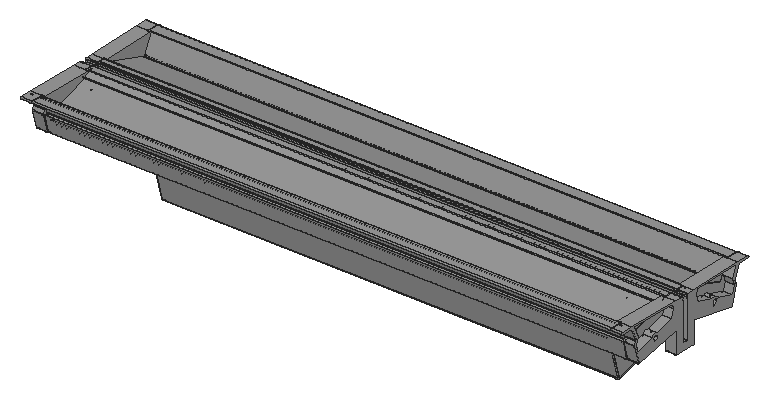
Revit family "ARON_RECESSED_LUMINAIRE", category Lighting Fixtures, host Face, Revit 2016
Family settings
  Host = Face
  Part Type = Normal
  Round Connector Dimension = Use Diameter
  OmniClass Number = 23.80.70.11.17
  OmniClass Title = Specialized Lighting by Location or Use
  Cut with Voids When Loaded = No
  Light Source = Yes
  Shared = No
  Room Calculation Point = No
Parameters (values of type "TBAR-2FT-3000K-UNV-2000-B2-80-DM")
  Wattage Comments = ""
  Wattage = 13.4642 W
  built-in parameter 1150110 = 1 (stored number, unit not read)
  Voltage = 120 V
  Void Width = 0' - 6"
  Void Length = Luminaire Length + 0' 0 15/16"  # 2' - 0 15/16"
  URL = "http://www.aronlighting.com"
  Total Lumens = Lumens Per Lamp * Lamp Quantity  # 2000 lm
  built-in parameter 1114217 = 1 (stored number, unit not read)
  Tilt Angle = -90.00°
  built-in parameter 1150109 = 1 (stored number, unit not read)
  built-in parameter 1150134 = (empty or 0)
  built-in parameter 1150113 = 1 (stored number, unit not read)
  Illuminated Surface Material = Frosted Acrylic Lens
  Series = "TBAR"
  Product Page URL = ""
  Photometric Web File = "TBAR-2FT-3000K-UNV-2000-B2-80-DM.ies"
  Mounting = "Recessed"
  Model = "TBAR-2FT-300K-UNV-2000-B2-80-DM"
  Manufacturer Complete Model Number [instance] = ""
  Manufacturer = "ARON"  # constant formula
  built-in parameter 1150105 = 159.15 (stored number, unit not read)
  Lumens = 2000 lm
  Luminaire Length = 2' - 0"
  built-in parameter 1150115 = 1 (stored number, unit not read)
  Lumens Per Lamp = 1000 lm
  Load Classification = Lighting
  built-in parameter 1150137 = (empty or 0)
  built-in parameter 1150139 = (empty or 0)
  built-in parameter 1150112 = 1 (stored number, unit not read)
  Lamp Quantity = 2
  built-in parameter 1150114 = 1 (stored number, unit not read)
  Lamp = ""
  built-in parameter 1150132 = 2
  built-in parameter 1150102 = (empty or 0)
  built-in parameter 1150107 = 3000 (stored number, unit not read)
  built-in parameter 1150138 = (empty or 0)
  built-in parameter 1150106 = 1.5915 (stored number, unit not read)
  Housing Material = White Painted Aluminum
  End Cap Material = White Plastic
  Emit from Rectangle Width = Void Width  # 0' - 6"
  Emit from Rectangle Length = Void Length  # 2' - 0 15/16"
  Emit Shape Visible in Rendering = yes
  Electrical Casing Material = Stainless Steel
  built-in parameter 1150104 = 13.8 (stored number, unit not read)
  Dimming Lamp Color Temperature Shift = <None>
  Description = "T-Bar DUO Luminaire"
  Default Elevation = 0' - 0"
  Color Filter = 16777215
  built-in parameter 1140040 [instance] = 1
  built-in parameter 1114218 = 1 (stored number, unit not read)
  built-in parameter 1150133 = 10 (stored number, unit not read)
  Assembly Code = ""
  Apparent Load = 32 VA
  120 Volts = yes
Reference planes (in)
  plane 1 "Center (Front/Back)": y = 0
  plane 2: z = 0
  plane 3 "Center (Left/Right)": x = 0
  plane 4: x = 12
  plane 5: x = -12
  plane 6: z = 0.125
  plane 7: x = -12.46875
  plane 8: x = 12.46875
  plane 9: z = -6.375
  plane 10: y = -3
  plane 11: y = 3
  plane 12: z = -0.125
Forms (in)
  Extrusion 1, void
    sketch origin (0, 0, 0) x (0, 1, 0) y (1, 0, 0)
      loop
        line (-3, 12.46875) -> (-3, -12.46875) -> (3, -12.46875) -> (3, 12.46875) -> (-3, 12.46875)
    from 0 to 6.375
Dimensions and locks (in)
  equal spacing: plane 5, plane 3 "Center (Left/Right)", plane 4
  "Luminaire Length": plane 5 to plane 4
  locked: plane 6 to plane 2 at 0.125
  equal spacing: plane 7, plane 3 "Center (Left/Right)", plane 8
  "Void Length": plane 7 to plane 8
  locked: plane 6 to plane 9 at 6.5
  equal spacing: plane 10, plane 1 "Center (Front/Back)", plane 11
  "Void Width": plane 10 to plane 11
  locked: plane 2 to plane 12 at 0.125
  aligned and locked: plane 2 to host face
  aligned and locked: level to host face
  aligned and locked: Extrusion 1 sketch curve to plane 11
  aligned and locked: Extrusion 1 sketch curve to plane 7
  aligned and locked: Extrusion 1 sketch curve to plane 10
  aligned and locked: Extrusion 1 sketch curve to plane 8
  aligned and locked: plane 2 to Extrusion 1
  aligned and locked: Extrusion 1 to plane 9
  aligned and locked: plane 6 to imposter light
  aligned and locked: imposter light to plane 1 "Center (Front/Back)"
  aligned and locked: nested 1 to level
  aligned and locked: plane 1 "Center (Front/Back)" to nested 1
  aligned and locked: plane 3 "Center (Left/Right)" to nested 1
  aligned and locked: plane 1 "Center (Front/Back)" to nested 2
  aligned and locked: nested 2 to host face
  aligned and locked: nested 3 to plane 1 "Center (Front/Back)"
  aligned and locked: level to nested 3
  aligned and locked: nested 3 to nested 1
  aligned and locked: nested 2 to nested 1
  aligned and locked: nested 4 to nested 1
Automatic sketch dimensions
  host sketch curve to host sketch curve = 8' - 0"  (x2)
Nested families (in)
  nested 1: "Housing" at (0, 0, 0), type "Housing"
  nested 2: "Cap" at (12.46457, 0, 0.07), type "Cap"
  nested 3: "Cap" at (-12.46457, 0, 0.07) x (-1, 0, 0) z (0, 0, 1), type "Cap"
  nested 4: "Electric" at (1.82724, -1.41363, -1.17268) x (0, -0.9622, -0.2723) z (0, 0.2723, -0.9622), type "Electric"
Connectors (in)
  electrical at (-5.63936, -1.07434, -2.37171)
    settings: on nested 4, index 1, voltage 120 V, apparent load 0 VA, apparent load phase1 0 VA, apparent load phase2 0 VA, apparent load phase3 0 VA, power factor 1, load classification "Other", number of poles 1, system type 31, power factor state 1, is connector primary yes, connector utility no, sub classification motor no, connector description ""
Definition of nested family "Housing"
  Parameters (values of type "Housing")
    Illuminated Surface Material = none
    Housing Original Material = none
    Housing Length = 2' - 0"
  Reference planes (in)
    plane 1 "Center (Front/Back)": y = 0
    plane 2: z = 0
    plane 3 "Center (Left/Right)": x = 0
    plane 4: x = 12
    plane 5: x = -12
  Forms (in)
    Extrusion 1, solid, material <- "Housing Original Material"
      sketch origin (0, 0, 0.07) x (0, 1, 0) y (0, 0, 1)
        loop
          arc (0.22342, -1.86831) -> (0.23815, -1.8622) -> (0.24425, -1.84747) r 0.02083
          line (0.24425, -1.84747) -> (0.24425, -0.90835)
          arc (0.24425, -0.90835) -> (0.25252, -0.89173) -> (0.27076, -0.8883) r 0.02083
          line (0.27076, -0.8883) -> (0.51226, -0.95664)
          arc (0.51226, -0.95664) -> (0.5281, -0.95478) -> (0.53798, -0.94227) r 0.02083
          line (0.53798, -0.94227) -> (0.62307, -0.64157)
          arc (0.62307, -0.64157) -> (0.63295, -0.62906) -> (0.64879, -0.6272) r 0.02083
          line (0.64879, -0.6272) -> (0.9871, -0.72293)
          arc (0.9871, -0.72293) -> (0.99962, -0.73281) -> (1.00148, -0.74865) r 0.02083
          line (1.00148, -0.74865) -> (0.90827, -1.07803)
          arc (0.90827, -1.07803) -> (0.91013, -1.09387) -> (0.92264, -1.10375) r 0.02083
          line (0.92264, -1.10375) -> (1.10985, -1.15672)
          arc (1.10985, -1.15672) -> (1.12568, -1.15486) -> (1.13557, -1.14235) r 0.02083
          line (1.13557, -1.14235) -> (1.22877, -0.81297)
          arc (1.22877, -0.81297) -> (1.23866, -0.80045) -> (1.25449, -0.79859) r 0.02083
          line (1.25449, -0.79859) -> (1.40381, -0.84085)
          arc (1.40381, -0.84085) -> (1.41633, -0.85073) -> (1.41819, -0.86656) r 0.02083
          line (1.41819, -0.86656) -> (1.31931, -1.216) -> (1.37613, -1.23207) -> (1.43439, -1.0262)
          arc (1.43439, -1.0262) -> (1.4459, -1.01104) -> (1.46465, -1.00775) r 0.02606
          arc (1.46465, -1.00775) -> (1.4834, -1.00447) -> (1.49491, -0.98931) r 0.02606
          arc (1.49491, -0.98931) -> (1.55993, -0.85732) -> (1.54613, -1.0038) r 0.0748
          arc (1.54613, -1.0038) -> (1.54799, -1.02275) -> (1.56224, -1.03537) r 0.02606
          arc (1.56224, -1.03537) -> (1.5764, -1.04784) -> (1.57843, -1.0666) r 0.02606
          line (1.57843, -1.0666) -> (1.52009, -1.27281) -> (1.5769, -1.28888) -> (1.67578, -0.93946)
          arc (1.67578, -0.93946) -> (1.68566, -0.92694) -> (1.7015, -0.92508) r 0.02083
          line (1.7015, -0.92508) -> (2.18409, -1.06164)
          arc (2.18409, -1.06164) -> (2.1966, -1.07152) -> (2.19846, -1.08736) r 0.02083
          line (2.19846, -1.08736) -> (2.11337, -1.38806)
          arc (2.11337, -1.38806) -> (2.11523, -1.4039) -> (2.12775, -1.41378) r 0.02083
          line (2.12775, -1.41378) -> (2.19562, -1.43298)
          arc (2.19562, -1.43298) -> (2.21146, -1.43112) -> (2.22134, -1.41861) r 0.02083
          line (2.22134, -1.41861) -> (2.26279, -1.27214)
          arc (2.26279, -1.27214) -> (2.36244, -1.10064) -> (2.3575, -1.29892) r 0.10237
          line (2.3575, -1.29892) -> (2.31604, -1.44541)
          arc (2.31604, -1.44541) -> (2.3179, -1.46125) -> (2.33042, -1.47113) r 0.02083
          line (2.33042, -1.47113) -> (2.39829, -1.49033)
          arc (2.39829, -1.49033) -> (2.41413, -1.48847) -> (2.42401, -1.47596) r 0.02083
          line (2.42401, -1.47596) -> (2.61769, -0.79151)
          arc (2.61769, -0.79151) -> (2.61583, -0.77567) -> (2.60332, -0.76579) r 0.02083
          line (2.60332, -0.76579) -> (2.51704, -0.74137)
          arc (2.51704, -0.74137) -> (2.50384, -0.73016) -> (2.50368, -0.71284) r 0.02083
          line (2.50368, -0.71284) -> (2.78109, -0.09084)
          arc (2.78109, -0.09084) -> (2.79406, -0.07567) -> (2.81319, -0.07) r 0.03516
          line (2.81319, -0.07) -> (3.23712, -0.07)
          arc (3.23712, -0.07) -> (3.27212, -0.035) -> (3.23712, 0) r 0.035
          line (3.23712, 0) -> (2.76848, 0)
          arc (2.76848, 0) -> (2.74935, -0.00567) -> (2.73638, -0.02084) r 0.03516
          line (2.73638, -0.02084) -> (2.40616, -0.76126)
          arc (2.40616, -0.76126) -> (2.40631, -0.7775) -> (2.41868, -0.78801) r 0.01953
          line (2.41868, -0.78801) -> (2.51645, -0.81568)
          arc (2.51645, -0.81568) -> (2.52896, -0.82556) -> (2.53082, -0.8414) r 0.02083
          line (2.53082, -0.8414) -> (2.47217, -1.04868)
          arc (2.47217, -1.04868) -> (2.46229, -1.06119) -> (2.44645, -1.06305) r 0.02083
          line (2.44645, -1.06305) -> (1.21674, -0.71508)
          arc (1.21674, -0.71508) -> (1.20091, -0.71694) -> (1.19102, -0.72945) r 0.02083
          line (1.19102, -0.72945) -> (1.09681, -1.06238)
          arc (1.09681, -1.06238) -> (1.08693, -1.07489) -> (1.0711, -1.07675) r 0.02083
          line (1.0711, -1.07675) -> (0.99755, -1.05594)
          arc (0.99755, -1.05594) -> (0.98503, -1.04606) -> (0.98317, -1.03022) r 0.02083
          line (0.98317, -1.03022) -> (1.07738, -0.6973)
          arc (1.07738, -0.6973) -> (1.07552, -0.68146) -> (1.06301, -0.67158) r 0.02083
          line (1.06301, -0.67158) -> (0.5921, -0.53833)
          arc (0.5921, -0.53833) -> (0.57627, -0.54019) -> (0.56639, -0.5527) r 0.02083
          line (0.56639, -0.5527) -> (0.48365, -0.84506)
          arc (0.48365, -0.84506) -> (0.47377, -0.85758) -> (0.45794, -0.85944) r 0.02083
          line (0.45794, -0.85944) -> (0.24299, -0.79861)
          arc (0.24299, -0.79861) -> (0.23047, -0.78873) -> (0.22861, -0.77289) r 0.02083
          line (0.22861, -0.77289) -> (0.40277, -0.15743)
          arc (0.40277, -0.15743) -> (0.41265, -0.14492) -> (0.42849, -0.14306) r 0.02083
          line (0.42849, -0.14306) -> (0.47818, -0.15712)
          arc (0.47818, -0.15712) -> (0.49069, -0.167) -> (0.49255, -0.18283) r 0.02083
          line (0.49255, -0.18283) -> (0.47588, -0.24177)
          arc (0.47588, -0.24177) -> (0.47774, -0.2576) -> (0.49025, -0.26749) r 0.02083
          line (0.49025, -0.26749) -> (0.56964, -0.28995)
          arc (0.56964, -0.28995) -> (0.59756, -0.27848) -> (0.59304, -0.24864) r 0.02444
          line (0.59304, -0.24864) -> (0.55635, -0.23633) -> (0.53866, -0.21107) -> (0.5548, -0.16243) -> (0.69102, -0.20793)
          arc (0.69102, -0.20793) -> (0.71036, -0.19944) -> (0.70393, -0.17907) r 0.0157
          line (0.70393, -0.17907) -> (0.47011, -0.04662)
          arc (0.47011, -0.04662) -> (0.45431, -0.04019) -> (0.43738, -0.03799) r 0.06641
          line (0.43738, -0.03799) -> (0.16437, -0.03799)
          arc (0.16437, -0.03799) -> (0.14964, -0.04409) -> (0.14353, -0.05883) r 0.02083
          line (0.14353, -0.05883) -> (0.14353, -0.11543)
          arc (0.14353, -0.11543) -> (0.17771, -0.14961) -> (0.14353, -0.18378) r 0.03418
          line (0.14353, -0.18378) -> (0.14353, -0.23194) -> (0.20018, -0.23194)
          arc (0.20018, -0.23194) -> (0.21491, -0.22584) -> (0.22101, -0.21111) r 0.02083
          line (0.22101, -0.21111) -> (0.22101, -0.12575)
          arc (0.22101, -0.12575) -> (0.22712, -0.11102) -> (0.24185, -0.10492) r 0.02083
          line (0.24185, -0.10492) -> (0.28779, -0.10492)
          arc (0.28779, -0.10492) -> (0.30441, -0.11319) -> (0.30784, -0.13143) r 0.02083
          line (0.30784, -0.13143) -> (0.14826, -0.69538)
          arc (0.14826, -0.69538) -> (0.14472, -0.71223) -> (0.14353, -0.72941) r 0.125
          line (0.14353, -0.72941) -> (0.14353, -1.74747)
          arc (0.14353, -1.74747) -> (0.13743, -1.7622) -> (0.1227, -1.76831) r 0.02083
          line (0.1227, -1.76831) -> (0, -1.76831) -> (-0.1227, -1.76831)
          arc (-0.1227, -1.76831) -> (-0.13743, -1.7622) -> (-0.14353, -1.74747) r 0.02083
          line (-0.14353, -1.74747) -> (-0.14353, -0.72941)
          arc (-0.14353, -0.72941) -> (-0.14472, -0.71223) -> (-0.14826, -0.69538) r 0.125
          line (-0.14826, -0.69538) -> (-0.30784, -0.13143)
          arc (-0.30784, -0.13143) -> (-0.30441, -0.11319) -> (-0.28779, -0.10492) r 0.02083
          line (-0.28779, -0.10492) -> (-0.24185, -0.10492)
          arc (-0.24185, -0.10492) -> (-0.22712, -0.11102) -> (-0.22101, -0.12575) r 0.02083
          line (-0.22101, -0.12575) -> (-0.22101, -0.21111)
          arc (-0.22101, -0.21111) -> (-0.21491, -0.22584) -> (-0.20018, -0.23194) r 0.02083
          line (-0.20018, -0.23194) -> (-0.14353, -0.23194) -> (-0.14353, -0.18378)
          arc (-0.14353, -0.18378) -> (-0.17771, -0.14961) -> (-0.14353, -0.11543) r 0.03418
          line (-0.14353, -0.11543) -> (-0.14353, -0.05883)
          arc (-0.14353, -0.05883) -> (-0.14964, -0.04409) -> (-0.16437, -0.03799) r 0.02083
          line (-0.16437, -0.03799) -> (-0.43738, -0.03799)
          arc (-0.43738, -0.03799) -> (-0.45431, -0.04019) -> (-0.47011, -0.04662) r 0.06641
          line (-0.47011, -0.04662) -> (-0.70376, -0.17938)
          arc (-0.70376, -0.17938) -> (-0.71036, -0.19944) -> (-0.69096, -0.20811) r 0.0157
          line (-0.69096, -0.20811) -> (-0.5548, -0.16243) -> (-0.53866, -0.21107) -> (-0.55635, -0.23633) -> (-0.59304, -0.24864)
          arc (-0.59304, -0.24864) -> (-0.59756, -0.27848) -> (-0.56964, -0.28995) r 0.02444
          line (-0.56964, -0.28995) -> (-0.49025, -0.26749)
          arc (-0.49025, -0.26749) -> (-0.47774, -0.2576) -> (-0.47588, -0.24177) r 0.02083
          line (-0.47588, -0.24177) -> (-0.49255, -0.18283)
          arc (-0.49255, -0.18283) -> (-0.49069, -0.167) -> (-0.47818, -0.15712) r 0.02083
          line (-0.47818, -0.15712) -> (-0.42849, -0.14306)
          arc (-0.42849, -0.14306) -> (-0.41265, -0.14492) -> (-0.40277, -0.15743) r 0.02083
          line (-0.40277, -0.15743) -> (-0.22861, -0.77289)
          arc (-0.22861, -0.77289) -> (-0.23047, -0.78873) -> (-0.24299, -0.79861) r 0.02083
          line (-0.24299, -0.79861) -> (-0.45794, -0.85944)
          arc (-0.45794, -0.85944) -> (-0.47377, -0.85758) -> (-0.48365, -0.84506) r 0.02083
          line (-0.48365, -0.84506) -> (-0.56639, -0.5527)
          arc (-0.56639, -0.5527) -> (-0.57627, -0.54019) -> (-0.5921, -0.53833) r 0.02083
          line (-0.5921, -0.53833) -> (-1.06301, -0.67158)
          arc (-1.06301, -0.67158) -> (-1.07552, -0.68146) -> (-1.07738, -0.6973) r 0.02083
          line (-1.07738, -0.6973) -> (-0.98317, -1.03022)
          arc (-0.98317, -1.03022) -> (-0.98503, -1.04606) -> (-0.99755, -1.05594) r 0.02083
          line (-0.99755, -1.05594) -> (-1.0711, -1.07675)
          arc (-1.0711, -1.07675) -> (-1.08693, -1.07489) -> (-1.09681, -1.06238) r 0.02083
          line (-1.09681, -1.06238) -> (-1.19102, -0.72945)
          arc (-1.19102, -0.72945) -> (-1.20091, -0.71694) -> (-1.21674, -0.71508) r 0.02083
          line (-1.21674, -0.71508) -> (-2.44645, -1.06305)
          arc (-2.44645, -1.06305) -> (-2.46229, -1.06119) -> (-2.47217, -1.04868) r 0.02083
          line (-2.47217, -1.04868) -> (-2.53082, -0.8414)
          arc (-2.53082, -0.8414) -> (-2.52896, -0.82556) -> (-2.51645, -0.81568) r 0.02083
          line (-2.51645, -0.81568) -> (-2.41868, -0.78801)
          arc (-2.41868, -0.78801) -> (-2.40631, -0.7775) -> (-2.40616, -0.76126) r 0.01953
          line (-2.40616, -0.76126) -> (-2.73638, -0.02084)
          arc (-2.73638, -0.02084) -> (-2.74935, -0.00567) -> (-2.76848, 0) r 0.03516
          line (-2.76848, 0) -> (-3.23712, 0)
          arc (-3.23712, 0) -> (-3.27212, -0.035) -> (-3.23712, -0.07) r 0.035
          line (-3.23712, -0.07) -> (-2.81319, -0.07)
          arc (-2.81319, -0.07) -> (-2.79406, -0.07567) -> (-2.78109, -0.09084) r 0.03516
          line (-2.78109, -0.09084) -> (-2.50368, -0.71284)
          arc (-2.50368, -0.71284) -> (-2.50384, -0.73016) -> (-2.51704, -0.74137) r 0.02083
          line (-2.51704, -0.74137) -> (-2.60332, -0.76579)
          arc (-2.60332, -0.76579) -> (-2.61583, -0.77567) -> (-2.61769, -0.79151) r 0.02083
          line (-2.61769, -0.79151) -> (-2.42401, -1.47596)
          arc (-2.42401, -1.47596) -> (-2.41413, -1.48847) -> (-2.39829, -1.49033) r 0.02083
          line (-2.39829, -1.49033) -> (-2.33042, -1.47113)
          arc (-2.33042, -1.47113) -> (-2.3179, -1.46125) -> (-2.31604, -1.44541) r 0.02083
          line (-2.31604, -1.44541) -> (-2.3575, -1.29892)
          arc (-2.3575, -1.29892) -> (-2.36244, -1.10064) -> (-2.26279, -1.27214) r 0.10237
          line (-2.26279, -1.27214) -> (-2.22134, -1.41861)
          arc (-2.22134, -1.41861) -> (-2.21146, -1.43112) -> (-2.19562, -1.43298) r 0.02083
          line (-2.19562, -1.43298) -> (-2.12775, -1.41378)
          arc (-2.12775, -1.41378) -> (-2.11523, -1.4039) -> (-2.11337, -1.38806) r 0.02083
          line (-2.11337, -1.38806) -> (-2.19846, -1.08736)
          arc (-2.19846, -1.08736) -> (-2.1966, -1.07152) -> (-2.18409, -1.06164) r 0.02083
          line (-2.18409, -1.06164) -> (-1.7015, -0.92508)
          arc (-1.7015, -0.92508) -> (-1.68566, -0.92694) -> (-1.67578, -0.93946) r 0.02083
          line (-1.67578, -0.93946) -> (-1.5769, -1.28888) -> (-1.52009, -1.27281) -> (-1.57843, -1.0666)
          arc (-1.57843, -1.0666) -> (-1.5764, -1.04784) -> (-1.56224, -1.03537) r 0.02606
          arc (-1.56224, -1.03537) -> (-1.54799, -1.02275) -> (-1.54613, -1.0038) r 0.02606
          arc (-1.54613, -1.0038) -> (-1.55993, -0.85732) -> (-1.49491, -0.98931) r 0.0748
          arc (-1.49491, -0.98931) -> (-1.4834, -1.00447) -> (-1.46465, -1.00775) r 0.02606
          arc (-1.46465, -1.00775) -> (-1.4459, -1.01104) -> (-1.43439, -1.0262) r 0.02606
          line (-1.43439, -1.0262) -> (-1.37613, -1.23207) -> (-1.31931, -1.216) -> (-1.41819, -0.86656)
          arc (-1.41819, -0.86656) -> (-1.41633, -0.85073) -> (-1.40381, -0.84085) r 0.02083
          line (-1.40381, -0.84085) -> (-1.25449, -0.79859)
          arc (-1.25449, -0.79859) -> (-1.23866, -0.80045) -> (-1.22877, -0.81297) r 0.02083
          line (-1.22877, -0.81297) -> (-1.13557, -1.14235)
          arc (-1.13557, -1.14235) -> (-1.12568, -1.15486) -> (-1.10985, -1.15672) r 0.02083
          line (-1.10985, -1.15672) -> (-0.92264, -1.10375)
          arc (-0.92264, -1.10375) -> (-0.91013, -1.09387) -> (-0.90827, -1.07803) r 0.02083
          line (-0.90827, -1.07803) -> (-1.00148, -0.74865)
          arc (-1.00148, -0.74865) -> (-0.99962, -0.73281) -> (-0.9871, -0.72293) r 0.02083
          line (-0.9871, -0.72293) -> (-0.64879, -0.6272)
          arc (-0.64879, -0.6272) -> (-0.63295, -0.62906) -> (-0.62307, -0.64157) r 0.02083
          line (-0.62307, -0.64157) -> (-0.53798, -0.94227)
          arc (-0.53798, -0.94227) -> (-0.5281, -0.95478) -> (-0.51226, -0.95664) r 0.02083
          line (-0.51226, -0.95664) -> (-0.27076, -0.8883)
          arc (-0.27076, -0.8883) -> (-0.25252, -0.89173) -> (-0.24425, -0.90835) r 0.02083
          line (-0.24425, -0.90835) -> (-0.24425, -1.84747)
          arc (-0.24425, -1.84747) -> (-0.23815, -1.8622) -> (-0.22342, -1.86831) r 0.02083
          line (-0.22342, -1.86831) -> (0, -1.86831) -> (0.22342, -1.86831)
      from -12 to 12
    Extrusion 2, solid, material <- "Illuminated Surface Material"
      sketch origin (0, 0, 0.07) x (0, 1, 0) y (0, 0, 1)
        loop
          line (2.43917, -0.79488) -> (0.57292, -0.16869) -> (0.5604, -0.20602) -> (2.42665, -0.83221) -> (2.43917, -0.79488)
        loop
          line (-2.43917, -0.79488) -> (-2.42665, -0.83221) -> (-0.5604, -0.20602) -> (-0.57292, -0.16869) -> (-2.43917, -0.79488)
      from -12 to 12
  Dimensions and locks (in)
    equal spacing: plane 5, plane 3 "Center (Left/Right)", plane 4
    "Housing Length": plane 5 to plane 4
    aligned and locked: level to plane 2
    aligned and locked: Extrusion 1 to level
    aligned and locked: Extrusion 1 to plane 5
    aligned and locked: plane 4 to Extrusion 1
    aligned and locked: Extrusion 2 to plane 5
    aligned and locked: plane 4 to Extrusion 2
  Automatic sketch dimensions
    level to Extrusion 2 sketch curve = 0' - 0.72488"
    Extrusion 2 sketch curve to plane 1 "Center (Front/Back)" = 0' - 2.43917"
    level to Extrusion 2 sketch curve = 0' - 0.76221"  (x2)
    Extrusion 2 sketch curve to Extrusion 2 sketch curve = 0' - 0.01252"  (x2)
    level to Extrusion 2 sketch curve = 0' - 0.09869"  (x2)
    level to Extrusion 2 sketch curve = 0' - 0.13602"
    plane 1 "Center (Front/Back)" to Extrusion 2 sketch curve = 0' - 0.5604"
    Extrusion 1 sketch curve to level = 0' - 0"  (x2)
    Extrusion 1 sketch curve to plane 1 "Center (Front/Back)" = 0' - 0"  (x2)
    Extrusion 1 sketch curve to plane 1 "Center (Front/Back)" = 0' - 0.1227"
    Extrusion 1 sketch curve to plane 1 "Center (Front/Back)" = 0' - 0.14353"
    Extrusion 1 sketch curve to Extrusion 1 sketch curve = 0' - 0.02083"  (x9)
    Extrusion 1 sketch curve to Extrusion 1 sketch curve = 0' - 0.00472"  (x2)
    Extrusion 1 sketch curve to Extrusion 1 sketch curve = 0' - 0.05665"  (x2)
    Extrusion 1 sketch curve to Extrusion 1 sketch curve = 0' - 0.07748"  (x2)
    Extrusion 1 sketch curve to Extrusion 1 sketch curve = 0' - 0.07989"  (x2)
    Extrusion 1 sketch curve to Extrusion 1 sketch curve = 0' - 0.08508"  (x2)
    Extrusion 1 sketch curve to Extrusion 1 sketch curve = 0' - 0.01437"  (x22)
    Extrusion 1 sketch curve to Extrusion 1 sketch curve = 0' - 0.00567"  (x67)
    Extrusion 1 sketch curve to Extrusion 1 sketch curve = 0' - 0.01988"  (x2)
    Extrusion 1 sketch curve to Extrusion 1 sketch curve = 0' - 0.04595"  (x2)
    level to Extrusion 1 sketch curve = 0' - 0.06143"  (x2)
    Extrusion 1 sketch curve to Extrusion 1 sketch curve = 0' - 0.02005"  (x48)
    level to Extrusion 1 sketch curve = 0' - 0.08743"  (x2)
    Extrusion 1 sketch curve to Extrusion 1 sketch curve = 0' - 0.09493"  (x2)
    level to Extrusion 1 sketch curve = 0' - 0.07306"  (x2)
    Extrusion 1 sketch curve to Extrusion 1 sketch curve = 0' - 0.00889"  (x2)
    Extrusion 1 sketch curve to Extrusion 1 sketch curve = 0' - 0.18718"
    Extrusion 1 sketch curve to level = 0' - 0.02338"  (x2)
    Extrusion 1 sketch curve to Extrusion 1 sketch curve = 0' - 0.03273"  (x2)
    Extrusion 1 sketch curve to Extrusion 1 sketch curve = 0' - 0.04969"  (x2)
    level to Extrusion 1 sketch curve = 0' - 0.17177"  (x2)
    Extrusion 1 sketch curve to Extrusion 1 sketch curve = 0' - 0.00337"  (x2)
    level to Extrusion 1 sketch curve = 0' - 0.08712"  (x2)
    level to Extrusion 1 sketch curve = 0' - 0.19749"  (x2)
    level to Extrusion 1 sketch curve = 0' - 0.11284"  (x2)
    Extrusion 1 sketch curve to Extrusion 1 sketch curve = 0' - 0.05433"  (x2)
    level to Extrusion 1 sketch curve = 0' - 0.14107"  (x2)
    Extrusion 1 sketch curve to Extrusion 1 sketch curve = 0' - 0.04611"  (x2)
    level to Extrusion 1 sketch curve = 0' - 0.09243"  (x2)
    Extrusion 1 sketch curve to Extrusion 1 sketch curve = 0' - 0.01613"  (x2)
    level to Extrusion 1 sketch curve = 0' - 0.16633"  (x2)
    Extrusion 1 sketch curve to Extrusion 1 sketch curve = 0' - 0.01768"  (x2)
    Extrusion 1 sketch curve to Extrusion 1 sketch curve = 0' - 0.07614"
    level to Extrusion 1 sketch curve = 0' - 0.21995"  (x2)
    Extrusion 1 sketch curve to Extrusion 1 sketch curve = 0' - 0.01329"  (x2)
    Extrusion 1 sketch curve to Extrusion 1 sketch curve = 0' - 0.00665"  (x2)
    level to Extrusion 1 sketch curve = 0' - 0.17864"  (x2)
    Extrusion 1 sketch curve to Extrusion 1 sketch curve = 0' - 0.01675"  (x2)
    Extrusion 1 sketch curve to Extrusion 1 sketch curve = 0' - 0.03664"  (x2)
    Extrusion 1 sketch curve to Extrusion 1 sketch curve = 0' - 0.10297"  (x2)
    Extrusion 1 sketch curve to Extrusion 1 sketch curve = 0' - 0.37029"  (x2)
    Extrusion 1 sketch curve to Extrusion 1 sketch curve = 0' - 0.07316"  (x2)
    Extrusion 1 sketch curve to Extrusion 1 sketch curve = 0' - 0.05486"  (x2)
    level to Extrusion 1 sketch curve = 0' - 0.65293"  (x2)
    level to Extrusion 1 sketch curve = 0' - 0.67865"  (x2)
    Extrusion 1 sketch curve to Extrusion 1 sketch curve = 0' - 0.07023"  (x2)
    level to Extrusion 1 sketch curve = 0' - 0 77/128"  (x2)
    Extrusion 1 sketch curve to Extrusion 1 sketch curve = 0' - 0.07355"  (x2)
    level to Extrusion 1 sketch curve = 0' - 0.6273"  (x2)
    Extrusion 1 sketch curve to Extrusion 1 sketch curve = 0' - 0.03875"  (x2)
    Extrusion 1 sketch curve to Extrusion 1 sketch curve = 0' - 0.11364"  (x2)
    level to Extrusion 1 sketch curve = 0' - 0.64508"  (x2)
    Extrusion 1 sketch curve to Extrusion 1 sketch curve = 0' - 0.0177"  (x2)
    Extrusion 1 sketch curve to Extrusion 1 sketch curve = 0' - 0.18374"  (x2)
    Extrusion 1 sketch curve to Extrusion 1 sketch curve = 0' - 0.05682"  (x4)
    Extrusion 1 sketch curve to Extrusion 1 sketch curve = 0' - 0.14932"  (x2)
    level to Extrusion 1 sketch curve = 0' - 0.77085"  (x2)
    level to Extrusion 1 sketch curve = 0' - 0.79656"  (x2)
    Extrusion 1 sketch curve to Extrusion 1 sketch curve = 0' - 0.0162"  (x2)
    Extrusion 1 sketch curve to Extrusion 1 sketch curve = 0' - 0.02508"  (x6)
    Extrusion 1 sketch curve to Extrusion 1 sketch curve = 0' - 0.01036"  (x2)
    Extrusion 1 sketch curve to Extrusion 1 sketch curve = 0' - 0.14396"  (x2)
    Extrusion 1 sketch curve to Extrusion 1 sketch curve = 0' - 0.06973"  (x2)
    Extrusion 1 sketch curve to Extrusion 1 sketch curve = 0' - 0.0938"  (x2)
    Extrusion 1 sketch curve to Extrusion 1 sketch curve = 0' - 0.01794"  (x2)
    level to Extrusion 1 sketch curve = 0' - 0.9966"  (x2)
    Extrusion 1 sketch curve to Extrusion 1 sketch curve = 0' - 0.02517"  (x2)
    Extrusion 1 sketch curve to Extrusion 1 sketch curve = 0' - 0.10457"  (x2)
    level to Extrusion 1 sketch curve = 0' - 0.85508"  (x2)
    Extrusion 1 sketch curve to Extrusion 1 sketch curve = 0' - 0.53647"  (x2)
    level to Extrusion 1 sketch curve = 0' - 1.34378"  (x2)
    Extrusion 1 sketch curve to Extrusion 1 sketch curve = 0' - 0.06504"  (x2)
    level to Extrusion 1 sketch curve = 0' - 0.99164"  (x2)
    Extrusion 1 sketch curve to Extrusion 1 sketch curve = 0' - 0.06787"  (x4)
    level to Extrusion 1 sketch curve = 0' - 1.01736"  (x2)
    level to Extrusion 1 sketch curve = 0' - 1.34861"  (x2)
    Extrusion 1 sketch curve to Extrusion 1 sketch curve = 0' - 0.04145"  (x2)
    Extrusion 1 sketch curve to Extrusion 1 sketch curve = 0' - 0.09471"  (x4)
    level to Extrusion 1 sketch curve = 0' - 1.40113"  (x2)
    Extrusion 1 sketch curve to Extrusion 1 sketch curve = 0' - 0.07179"  (x2)
    level to Extrusion 1 sketch curve = 0' - 0.69126"  (x2)
    Extrusion 1 sketch curve to Extrusion 1 sketch curve = 0' - 0.22207"  (x2)
    level to Extrusion 1 sketch curve = 0' - 0.71801"  (x2)
    Extrusion 1 sketch curve to Extrusion 1 sketch curve = 0' - 0.01252"  (x2)
    Extrusion 1 sketch curve to Extrusion 1 sketch curve = 0' - 0.00532"  (x2)
    level to Extrusion 1 sketch curve = 0' - 1.40596"  (x2)
    level to Extrusion 1 sketch curve = 0' - 0.99305"  (x2)
    Extrusion 1 sketch curve to Extrusion 1 sketch curve = 0' - 0.11188"  (x2)
    level to Extrusion 1 sketch curve = 0' - 0.97868"  (x2)
    level to Extrusion 1 sketch curve = 0' - 0.64284"  (x2)
    Extrusion 1 sketch curve to Extrusion 1 sketch curve = 0' - 0.07969"  (x2)
    Extrusion 1 sketch curve to Extrusion 1 sketch curve = 0' - 0.0921"  (x2)
    level to Extrusion 1 sketch curve = 0' - 0.74568"  (x2)
    level to Extrusion 1 sketch curve = 0' - 0.67137"  (x2)
    Extrusion 1 sketch curve to Extrusion 1 sketch curve = 0' - 0.01335"  (x2)
    Extrusion 1 sketch curve to Extrusion 1 sketch curve = 0' - 0.01903"
    level to Extrusion 1 sketch curve = 0' - 0.7714"  (x2)
    Extrusion 1 sketch curve to Extrusion 1 sketch curve = 0' - 0.08119"  (x2)
    level to Extrusion 1 sketch curve = 0' - 0.69579"  (x2)
    level to Extrusion 1 sketch curve = 0' - 0.72151"  (x2)
    Extrusion 1 sketch curve to level = 0' - 0.04916"  (x2)
    Extrusion 1 sketch curve to Extrusion 1 sketch curve = 0' - 0.23269"  (x2)
    Extrusion 1 sketch curve to Extrusion 1 sketch curve = 0' - 0.03211"  (x3)
    level to Extrusion 1 sketch curve = 0' - 0.02084"  (x2)
    Extrusion 1 sketch curve to Extrusion 1 sketch curve = 0' - 0.0126"  (x2)
    level to Extrusion 1 sketch curve = 0' - 0 9/256"
    Extrusion 1 sketch curve to level = 0' - 0.035"  (x2)
    Extrusion 1 sketch curve to Extrusion 1 sketch curve = 0' - 0.42392"  (x2)
    Extrusion 1 sketch curve to Extrusion 1 sketch curve = 0' - 0.1227"
    plane 1 "Center (Front/Back)" to Extrusion 1 sketch curve = 0' - 0.14353"  (x2)
    Extrusion 1 sketch curve to level = 0' - 0.01117"
    Extrusion 1 sketch curve to Extrusion 1 sketch curve = 0' - 0.1894"
    Extrusion 1 sketch curve to Extrusion 1 sketch curve = 0' - 0.29785"
    Extrusion 1 sketch curve to level = 0' - 0.03201"
    Extrusion 1 sketch curve to Extrusion 1 sketch curve = 0' - 0.02651"  (x2)
    level to Extrusion 1 sketch curve = 0' - 0.04543"  (x2)
    Extrusion 1 sketch curve to Extrusion 1 sketch curve = 0' - 0.03418"  (x2)
    Extrusion 1 sketch curve to Extrusion 1 sketch curve = 0' - 0.0556"  (x2)
    Extrusion 1 sketch curve to Extrusion 1 sketch curve = 0' - 0.02732"  (x2)
    Extrusion 1 sketch curve to Extrusion 1 sketch curve = 0' - 0.24837"  (x2)
    Extrusion 1 sketch curve to Extrusion 1 sketch curve = 0' - 0.06882"  (x2)
    Extrusion 1 sketch curve to Extrusion 1 sketch curve = 0' - 0.14268"
    Extrusion 1 sketch curve to Extrusion 1 sketch curve = 0' - 0.03404"
    Extrusion 1 sketch curve to Extrusion 1 sketch curve = 0' - 0.04348"  (x2)
    Extrusion 1 sketch curve to Extrusion 1 sketch curve = 0' - 0.06347"  (x2)
    Extrusion 1 sketch curve to Extrusion 1 sketch curve = 0' - 0.10998"
    Extrusion 1 sketch curve to Extrusion 1 sketch curve = 0' - 0.06082"
    Extrusion 1 sketch curve to Extrusion 1 sketch curve = 0' - 0.08969"  (x2)
    Extrusion 1 sketch curve to Extrusion 1 sketch curve = 0' - 0.06273"  (x2)
    Extrusion 1 sketch curve to Extrusion 1 sketch curve = 0' - 0.07716"  (x2)
    Extrusion 1 sketch curve to Extrusion 1 sketch curve = 0' - 0.05292"  (x2)
    Extrusion 1 sketch curve to Extrusion 1 sketch curve = 0' - 0.0557"  (x2)
    Extrusion 1 sketch curve to Extrusion 1 sketch curve = 0' - 0.04399"  (x2)
    Extrusion 1 sketch curve to Extrusion 1 sketch curve = 0' - 0.28157"  (x2)
    Extrusion 1 sketch curve to Extrusion 1 sketch curve = 0' - 0.0071"  (x2)
    Extrusion 1 sketch curve to Extrusion 1 sketch curve = 0' - 0.02081"  (x2)
    Extrusion 1 sketch curve to Extrusion 1 sketch curve = 0' - 0.00676"  (x2)
    Extrusion 1 sketch curve to Extrusion 1 sketch curve = 0' - 0.04781"  (x2)
    Extrusion 1 sketch curve to Extrusion 1 sketch curve = 0' - 0.05993"  (x2)
    Extrusion 1 sketch curve to Extrusion 1 sketch curve = 0' - 0.11179"  (x2)
    Extrusion 1 sketch curve to Extrusion 1 sketch curve = 0' - 0.07364"  (x2)
    Extrusion 1 sketch curve to Extrusion 1 sketch curve = 0' - 0.01608"  (x4)
    Extrusion 1 sketch curve to Extrusion 1 sketch curve = 0' - 0.07298"  (x2)
    Extrusion 1 sketch curve to Extrusion 1 sketch curve = 0' - 0.04073"  (x2)
    Extrusion 1 sketch curve to Extrusion 1 sketch curve = 0' - 0.02572"  (x4)
    Extrusion 1 sketch curve to Extrusion 1 sketch curve = 0' - 0.83912"
    Extrusion 1 sketch curve to Extrusion 1 sketch curve = 0' - 0.1"
    level to Extrusion 1 sketch curve = 0' - 0.13811"  (x2)
    Extrusion 1 sketch curve to Extrusion 1 sketch curve = 0' - 0.00506"  (x2)
    Extrusion 1 sketch curve to Extrusion 1 sketch curve = 0' - 0.00006"  (x2)
    Extrusion 1 sketch curve to Extrusion 1 sketch curve = 0' - 0.00774"  (x2)
    level to Extrusion 1 sketch curve = 0' - 0.10907"  (x2)
    Extrusion 1 sketch curve to Extrusion 1 sketch curve = 0' - 0.00017"  (x2)
    Extrusion 1 sketch curve to Extrusion 1 sketch curve = 0' - 0"  (x2)
    Extrusion 1 sketch curve to Extrusion 1 sketch curve = 0' - 0.00031"  (x2)
Definition of nested family "Cap"
  Parameters (values of type "Cap")
    End Cap Original Material = none
  Reference planes (in)
    plane 1 "Center (Front/Back)": y = 0
    plane 2: z = 0
    plane 3 "Center (Left/Right)": x = 0
    plane 4: y = -3.25
    plane 5: y = 3.25
    plane 6 "Edge": x = -0.46457
    plane 7: x = -0.07087
  Forms (in)
    Extrusion 1, solid, material <- "End Cap Original Material"
      sketch origin (0, 0, 12.85107) x (0, 1, 0) y (0, 0, 1)
        loop
          line (2.74062, -12.85107) -> (0.45849, -12.88907) -> (0.16437, -12.88907)
          arc (0.16437, -12.88907) -> (0.14964, -12.89517) -> (0.14353, -12.9099) r 0.02083
          line (0.14353, -12.9099) -> (0.14353, -12.9665)
          arc (0.14353, -12.9665) -> (0.17771, -13.00068) -> (0.14353, -13.03486) r 0.03418
          line (0.14353, -13.03486) -> (0.14353, -14.59855)
          arc (0.14353, -14.59855) -> (0.13743, -14.61328) -> (0.1227, -14.61938) r 0.02083
          line (0.1227, -14.61938) -> (0, -14.61938) -> (-0.1227, -14.61938)
          arc (-0.1227, -14.61938) -> (-0.13743, -14.61328) -> (-0.14353, -14.59855) r 0.02083
          line (-0.14353, -14.59855) -> (-0.14353, -13.03486)
          arc (-0.14353, -13.03486) -> (-0.17771, -13.00068) -> (-0.14353, -12.9665) r 0.03418
          line (-0.14353, -12.9665) -> (-0.14353, -12.9099)
          arc (-0.14353, -12.9099) -> (-0.14964, -12.89517) -> (-0.16437, -12.88907) r 0.02083
          line (-0.16437, -12.88907) -> (-0.45849, -12.88907) -> (-2.74062, -12.85107) -> (-3.23712, -12.85107)
          arc (-3.23712, -12.85107) -> (-3.27212, -12.88607) -> (-3.23712, -12.92107) r 0.035
          line (-3.23712, -12.92107) -> (-2.81225, -12.92107)
          arc (-2.81225, -12.92107) -> (-2.7939, -12.9265) -> (-2.78147, -12.94105) r 0.0337
          line (-2.78147, -12.94105) -> (-2.56609, -13.42397)
          arc (-2.56609, -13.42397) -> (-2.56173, -13.4426) -> (-2.56457, -13.46151) r 0.05078
          line (-2.56457, -13.46151) -> (-2.61707, -13.61069)
          arc (-2.61707, -13.61069) -> (-2.61993, -13.62596) -> (-2.61803, -13.64137) r 0.05078
          line (-2.61803, -13.64137) -> (-2.41858, -14.34624)
          arc (-2.41858, -14.34624) -> (-2.40948, -14.35828) -> (-2.39464, -14.36103) r 0.02083
          line (-2.39464, -14.36103) -> (-0.46353, -13.99416)
          arc (-0.46353, -13.99416) -> (-0.44636, -13.99858) -> (-0.43881, -14.01462) r 0.02083
          line (-0.43881, -14.01462) -> (-0.43881, -14.90317)
          arc (-0.43881, -14.90317) -> (-0.43271, -14.9179) -> (-0.41798, -14.924) r 0.02083
          line (-0.41798, -14.924) -> (0, -14.924) -> (0.41798, -14.924)
          arc (0.41798, -14.924) -> (0.43271, -14.9179) -> (0.43881, -14.90317) r 0.02083
          line (0.43881, -14.90317) -> (0.43881, -14.01462)
          arc (0.43881, -14.01462) -> (0.44636, -13.99858) -> (0.46353, -13.99416) r 0.02083
          line (0.46353, -13.99416) -> (2.39464, -14.36103)
          arc (2.39464, -14.36103) -> (2.40948, -14.35828) -> (2.41858, -14.34624) r 0.02083
          line (2.41858, -14.34624) -> (2.61803, -13.64137)
          arc (2.61803, -13.64137) -> (2.61993, -13.62596) -> (2.61707, -13.61069) r 0.05078
          line (2.61707, -13.61069) -> (2.56457, -13.46151)
          arc (2.56457, -13.46151) -> (2.56173, -13.4426) -> (2.56609, -13.42397) r 0.05078
          line (2.56609, -13.42397) -> (2.78147, -12.94105)
          arc (2.78147, -12.94105) -> (2.7939, -12.9265) -> (2.81225, -12.92107) r 0.0337
          line (2.81225, -12.92107) -> (3.23712, -12.92107)
          arc (3.23712, -12.92107) -> (3.27212, -12.88607) -> (3.23712, -12.85107) r 0.035
          line (3.23712, -12.85107) -> (2.74062, -12.85107)
      from 0 to -0.46457
    Extrusion 2, void
      sketch origin (0, 0, 12.85107) x (0, 1, 0) y (0, 0, 1)
        loop
          line (2.56049, -13.62782) -> (2.46404, -13.35374) -> (2.67013, -12.89162) -> (0.62472, -12.92567) -> (0.56907, -13.12234) -> (0.68121, -13.44103) -> (1.41766, -13.64942)
          arc (1.41766, -13.64942) -> (1.57738, -13.61887) -> (1.6974, -13.72858) r 0.18139
          line (1.6974, -13.72858) -> (2.47011, -13.94724) -> (2.56049, -13.62782)
        loop
          line (-2.56049, -13.62782) -> (-2.47011, -13.94724) -> (-1.6974, -13.72858)
          arc (-1.6974, -13.72858) -> (-1.57738, -13.61887) -> (-1.41766, -13.64942) r 0.18139
          line (-1.41766, -13.64942) -> (-0.68121, -13.44103) -> (-0.56907, -13.12234) -> (-0.62472, -12.92567) -> (-2.67013, -12.89162) -> (-2.46404, -13.35374) -> (-2.56049, -13.62782)
      from 0 to -0.46484
    Extrusion 3, solid, material <- "End Cap Original Material"
      sketch origin (-0.46457, 0, 12.85107) x (0, -1, 0) y (0, 0, 1)
        loop
          arc (-1.6974, -13.72858) -> (-1.57738, -13.61887) -> (-1.41766, -13.64942) r 0.18139
          line (-1.41766, -13.64942) -> (-0.68121, -13.44103) -> (-0.56907, -13.12234) -> (-0.62472, -12.92567) -> (-0.84852, -13.05245) -> (-2.37259, -13.55878) -> (-2.46404, -13.35374) -> (-2.56049, -13.62782) -> (-2.47011, -13.94724) -> (-1.6974, -13.72858)
        loop
          line (1.6974, -13.72858) -> (2.47011, -13.94724) -> (2.56049, -13.62782) -> (2.46404, -13.35374) -> (2.37259, -13.55878) -> (0.84852, -13.05245) -> (0.62472, -12.92567) -> (0.56907, -13.12234) -> (0.68121, -13.44103) -> (1.41766, -13.64942)
          arc (1.41766, -13.64942) -> (1.57738, -13.61887) -> (1.6974, -13.72858) r 0.18139
      from 0 to -0.05906
    Extrusion 4, solid, material <- "End Cap Original Material"
      sketch origin (-0.46457, 0, 12.85107) x (0, -1, 0) y (0, 0, 1)
        loop
          arc (-0.74989, -13.06117) -> (-0.74541, -13.04448) -> (-0.73312, -13.03233) r 0.03306
          line (-0.73312, -13.03233) -> (-0.4796, -12.88871) -> (-2.73125, -12.85123) -> (-2.39402, -13.60739) -> (-0.74989, -13.06117)
        loop
          line (0.74989, -13.06117) -> (2.39402, -13.60739) -> (2.73125, -12.85123) -> (0.4796, -12.88871) -> (0.73312, -13.03233)
          arc (0.73312, -13.03233) -> (0.74541, -13.04448) -> (0.74989, -13.06117) r 0.03306
      from 0 to 0.13779
    Extrusion 5, void
      sketch origin (-0.46457, 0, 12.85107) x (0, 1, 0) y (0, 0, 1)
        loop
          circle (-1.52799, -13.79341) r 0.04468
        loop
          circle (1.52799, -13.79341) r 0.04468
      from 0 to 0.22656
    Extrusion 6, void
      sketch origin (-0.46457, 0, 12.85107) x (0, 1, 0) y (0, 0, 1)
        loop
          arc (-1.36829, -13.69692) -> (-1.38154, -13.70826) -> (-1.38153, -13.7257) r 0.02083
          arc (-1.38153, -13.7257) -> (-1.48406, -13.94867) -> (-1.68821, -13.81249) r 0.16136
          arc (-1.68821, -13.81249) -> (-1.69734, -13.79762) -> (-1.71457, -13.7949) r 0.02083
          line (-1.71457, -13.7949) -> (-2.43367, -13.99839)
          arc (-2.43367, -13.99839) -> (-2.44618, -14.00827) -> (-2.44804, -14.02411) r 0.02083
          line (-2.44804, -14.02411) -> (-2.38968, -14.23036)
          arc (-2.38968, -14.23036) -> (-2.38059, -14.2424) -> (-2.36574, -14.24515) r 0.02083
          line (-2.36574, -14.24515) -> (-0.40416, -13.87249)
          arc (-0.40416, -13.87249) -> (-0.38699, -13.87691) -> (-0.37944, -13.89295) r 0.02083
          line (-0.37944, -13.89295) -> (-0.37944, -14.84664)
          arc (-0.37944, -14.84664) -> (-0.37334, -14.86137) -> (-0.35861, -14.86747) r 0.02083
          line (-0.35861, -14.86747) -> (0, -14.86747) -> (0.35861, -14.86747)
          arc (0.35861, -14.86747) -> (0.37334, -14.86137) -> (0.37944, -14.84664) r 0.02083
          line (0.37944, -14.84664) -> (0.37944, -13.89295)
          arc (0.37944, -13.89295) -> (0.38699, -13.87691) -> (0.40416, -13.87249) r 0.02083
          line (0.40416, -13.87249) -> (2.36574, -14.24515)
          arc (2.36574, -14.24515) -> (2.38059, -14.2424) -> (2.38968, -14.23036) r 0.02083
          line (2.38968, -14.23036) -> (2.44804, -14.02411)
          arc (2.44804, -14.02411) -> (2.44618, -14.00827) -> (2.43367, -13.99839) r 0.02083
          line (2.43367, -13.99839) -> (1.71457, -13.7949)
          arc (1.71457, -13.7949) -> (1.69734, -13.79762) -> (1.68821, -13.81249) r 0.02083
          arc (1.68821, -13.81249) -> (1.48406, -13.94867) -> (1.38153, -13.7257) r 0.16136
          arc (1.38153, -13.7257) -> (1.38154, -13.70826) -> (1.36829, -13.69692) r 0.02083
          line (1.36829, -13.69692) -> (0.65303, -13.49452)
          arc (0.65303, -13.49452) -> (0.63842, -13.48625) -> (0.62925, -13.47218) r 0.03543
          line (0.62925, -13.47218) -> (0.50904, -13.13055)
          arc (0.50904, -13.13055) -> (0.50619, -13.11529) -> (0.50808, -13.09987) r 0.05078
          line (0.50808, -13.09987) -> (0.5275, -13.03124)
          arc (0.5275, -13.03124) -> (0.52564, -13.0154) -> (0.51313, -13.00552) r 0.02083
          line (0.51313, -13.00552) -> (0.42063, -12.97934)
          arc (0.42063, -12.97934) -> (0.4048, -12.9812) -> (0.39491, -12.99372) r 0.02083
          line (0.39491, -12.99372) -> (0.207, -13.65781)
          arc (0.207, -13.65781) -> (0.20346, -13.67466) -> (0.20227, -13.69184) r 0.125
          line (0.20227, -13.69184) -> (0.20227, -14.6576)
          arc (0.20227, -14.6576) -> (0.19617, -14.67233) -> (0.18144, -14.67844) r 0.02083
          line (0.18144, -14.67844) -> (0, -14.67844) -> (-0.18144, -14.67844)
          arc (-0.18144, -14.67844) -> (-0.19617, -14.67233) -> (-0.20227, -14.6576) r 0.02083
          line (-0.20227, -14.6576) -> (-0.20227, -13.69184)
          arc (-0.20227, -13.69184) -> (-0.20346, -13.67466) -> (-0.207, -13.65781) r 0.125
          line (-0.207, -13.65781) -> (-0.39491, -12.99372)
          arc (-0.39491, -12.99372) -> (-0.4048, -12.9812) -> (-0.42063, -12.97934) r 0.02083
          line (-0.42063, -12.97934) -> (-0.51313, -13.00552)
          arc (-0.51313, -13.00552) -> (-0.52564, -13.0154) -> (-0.5275, -13.03124) r 0.02083
          line (-0.5275, -13.03124) -> (-0.50808, -13.09987)
          arc (-0.50808, -13.09987) -> (-0.50619, -13.11529) -> (-0.50904, -13.13055) r 0.05078
          line (-0.50904, -13.13055) -> (-0.62925, -13.47218)
          arc (-0.62925, -13.47218) -> (-0.63842, -13.48625) -> (-0.65303, -13.49452) r 0.03543
          line (-0.65303, -13.49452) -> (-1.36829, -13.69692)
      from 0 to 0.39453
    Extrusion 7, solid, material <- "End Cap Original Material"
      sketch origin (-0.46457, 0, 12.85107) x (0, -1, 0) y (0, 0, 1)
        loop
          arc (-1.6974, -13.72858) -> (-1.57738, -13.61887) -> (-1.41766, -13.64942) r 0.18139
          line (-1.41766, -13.64942) -> (-0.68121, -13.44103) -> (-0.56907, -13.12234) -> (-0.62472, -12.92567) -> (-0.84852, -13.05245) -> (-2.37259, -13.55878) -> (-2.46404, -13.35374) -> (-2.56049, -13.62782) -> (-2.47011, -13.94724) -> (-1.6974, -13.72858)
        loop
          line (1.6974, -13.72858) -> (2.47011, -13.94724) -> (2.56049, -13.62782) -> (2.46404, -13.35374) -> (2.37259, -13.55878) -> (0.84852, -13.05245) -> (0.62472, -12.92567) -> (0.56907, -13.12234) -> (0.68121, -13.44103) -> (1.41766, -13.64942)
          arc (1.41766, -13.64942) -> (1.57738, -13.61887) -> (1.6974, -13.72858) r 0.18139
      from 0 to -0.05906
    Extrusion 8, void
      sketch origin (0, 0, 12.85107) x (0, -1, 0) y (0, 0, 1)
        loop
          circle (1.52799, -13.79341) r 0.12262
        loop
          circle (-1.52799, -13.79341) r 0.12262
      from 0 to 0.23438
  Cuts and joins
    Extrusion 2, Extrusion 5, Extrusion 6, Extrusion 8 cuts Extrusion 1
    Extrusion 2, Extrusion 6, Extrusion 8 cuts Extrusion 3
    Extrusion 2 cuts Extrusion 4
    Extrusion 8 cuts Extrusion 7
    joined: Extrusion 1, Extrusion 3, Extrusion 4, Extrusion 7
  Dimensions and locks (in)
    plane 5 to plane 4 = 0' - 6 1/2"
    equal spacing: plane 5, plane 1 "Center (Front/Back)", plane 4
    plane 6 "Edge" to plane 3 "Center (Left/Right)" = 0' - 0.46457"
    locked: plane 7 to plane 3 "Center (Left/Right)" at 0.07087
    aligned and locked: plane 2 to level
    aligned and locked: plane 3 "Center (Left/Right)" to cut or joined group 1 (Extrusion 1, Extrusion 2, Extrusion 3, Extrusion 4, Extrusion 5, Extrusion 6, Extrusion 7, Extrusion 8)
    aligned and locked: plane 6 "Edge" to cut or joined group 1
  Automatic sketch dimensions
    Extrusion 1 sketch curve to level = 0' - 0"  (x2)
    Extrusion 1 sketch curve to plane 1 "Center (Front/Back)" = 0' - 0"  (x2)
    Extrusion 1 sketch curve to plane 1 "Center (Front/Back)" = 0' - 0.1227"
    Extrusion 1 sketch curve to plane 1 "Center (Front/Back)" = 0' - 0.14353"
    Extrusion 1 sketch curve to Extrusion 1 sketch curve = 0' - 0.02083"  (x4)
    Extrusion 1 sketch curve to Extrusion 1 sketch curve = 0' - 0 107/256"
    Extrusion 1 sketch curve to plane 1 "Center (Front/Back)" = 0' - 0.43881"
    level to Extrusion 1 sketch curve = 0' - 0.03799"  (x2)
    Extrusion 1 sketch curve to Extrusion 1 sketch curve = 0' - 0.29413"  (x2)
    Extrusion 1 sketch curve to Extrusion 1 sketch curve = 0' - 0 1/256"  (x4)
    Extrusion 1 sketch curve to plane 4 = 0' - 0.85536"
    Extrusion 1 sketch curve to Extrusion 1 sketch curve = 0' - 0.02005"  (x2)
    Extrusion 1 sketch curve to plane 4 = 0' - 0.68543"
    level to Extrusion 1 sketch curve = 0' - 0.5729"  (x2)
    Extrusion 1 sketch curve to Extrusion 1 sketch curve = 0' - 0.00152"  (x2)
    Extrusion 1 sketch curve to Extrusion 1 sketch curve = 0' - 0.0046"  (x2)
    Extrusion 1 sketch curve to Extrusion 1 sketch curve = 0' - 0.0479"  (x4)
    Extrusion 1 sketch curve to Extrusion 1 sketch curve = 0' - 0.00096"  (x2)
    Extrusion 1 sketch curve to plane 4 = 0' - 0.50938"
    level to Extrusion 1 sketch curve = 0' - 0.08998"  (x2)
    Extrusion 1 sketch curve to Extrusion 1 sketch curve = 0' - 0.04085"  (x2)
    Extrusion 1 sketch curve to Extrusion 1 sketch curve = 0' - 0.03078"  (x2)
    Extrusion 1 sketch curve to plane 4 = 0' - 0.01288"
    plane 1 "Center (Front/Back)" to Extrusion 1 sketch curve = 0' - 0.1227"
    plane 1 "Center (Front/Back)" to Extrusion 1 sketch curve = 0' - 0.14353"
    Extrusion 1 sketch curve to Extrusion 1 sketch curve = 0' - 0.29528"
    plane 1 "Center (Front/Back)" to Extrusion 1 sketch curve = 0' - 0.43881"
    plane 5 to Extrusion 1 sketch curve = 0' - 0.85536"
    plane 5 to Extrusion 1 sketch curve = 0' - 0.68543"
    plane 5 to Extrusion 1 sketch curve = 0' - 0.50938"
    plane 5 to Extrusion 1 sketch curve = 0' - 0.01288"
    level to Extrusion 1 sketch curve = 0' - 0.035"  (x2)
    Extrusion 1 sketch curve to Extrusion 1 sketch curve = 0' - 0.05661"  (x2)
    Extrusion 1 sketch curve to Extrusion 1 sketch curve = 0' - 0.03418"  (x2)
    Extrusion 1 sketch curve to Extrusion 1 sketch curve = 0' - 0.02068"  (x2)
    Extrusion 1 sketch curve to Extrusion 1 sketch curve = 0' - 0.14918"  (x2)
    Extrusion 1 sketch curve to Extrusion 1 sketch curve = 0' - 0.01686"  (x2)
    Extrusion 1 sketch curve to Extrusion 1 sketch curve = 0' - 0.9593"
    Extrusion 1 sketch curve to Extrusion 1 sketch curve = 0' - 0.02047"
    Extrusion 1 sketch curve to Extrusion 1 sketch curve = 0' - 0.69919"  (x2)
    Extrusion 1 sketch curve to Extrusion 1 sketch curve = 0' - 0.00567"  (x2)
    Extrusion 1 sketch curve to Extrusion 1 sketch curve = 0' - 0.58392"
    Extrusion 1 sketch curve to Extrusion 1 sketch curve = 0' - 0.28379"
    level to Extrusion 2 sketch curve = 0' - 0.04055"  (x2)
    Extrusion 2 sketch curve to plane 4 = 0' - 0.57987"
    Extrusion 2 sketch curve to plane 4 = 0' - 0.68951"
    Extrusion 2 sketch curve to Extrusion 2 sketch curve = 0' - 0.09039"
    Extrusion 2 sketch curve to Extrusion 2 sketch curve = 0' - 0.09646"  (x2)
    Extrusion 2 sketch curve to Extrusion 2 sketch curve = 0' - 0.7727"
    Extrusion 2 sketch curve to Extrusion 2 sketch curve = 0' - 0.16941"  (x2)
    level to Extrusion 2 sketch curve = 0' - 0.79835"
    Extrusion 2 sketch curve to Extrusion 2 sketch curve = 0' - 0.11033"  (x2)
    Extrusion 2 sketch curve to plane 1 "Center (Front/Back)" = 0' - 0.68121"
    level to Extrusion 2 sketch curve = 0' - 0.0746"  (x2)
    Extrusion 2 sketch curve to Extrusion 2 sketch curve = 0' - 0.05649"
    level to Extrusion 2 sketch curve = 0' - 0.27126"  (x2)
    Extrusion 2 sketch curve to Extrusion 2 sketch curve = 0' - 0.05565"  (x2)
    plane 1 "Center (Front/Back)" to Extrusion 2 sketch curve = 0' - 0.56907"
    Extrusion 2 sketch curve to Extrusion 2 sketch curve = 0' - 0.11214"
    Extrusion 2 sketch curve to Extrusion 2 sketch curve = 0' - 0.73646"
    level to Extrusion 2 sketch curve = 0' - 0.87751"
    plane 5 to Extrusion 2 sketch curve = 0' - 0.78596"
    Extrusion 2 sketch curve to Extrusion 2 sketch curve = 0' - 0.00607"
    Extrusion 2 sketch curve to Extrusion 2 sketch curve = 0' - 0.2061"
    level to Extrusion 2 sketch curve = 0' - 0.50267"  (x2)
    Extrusion 2 sketch curve to Extrusion 2 sketch curve = 0' - 0.31869"  (x2)
    Extrusion 2 sketch curve to Extrusion 2 sketch curve = 0' - 0.27408"  (x2)
    Extrusion 2 sketch curve to Extrusion 2 sketch curve = 0' - 0.07916"  (x2)
    Extrusion 2 sketch curve to Extrusion 2 sketch curve = 0' - 0.31942"  (x2)
    plane 5 to Extrusion 3 sketch curve = 0' - 0.68951"
    Extrusion 3 sketch curve to Extrusion 3 sketch curve = 0' - 0.09039"
    Extrusion 3 sketch curve to Extrusion 3 sketch curve = 0' - 0.09646"
    Extrusion 3 sketch curve to Extrusion 3 sketch curve = 0' - 0.1879"  (x2)
    level to Extrusion 3 sketch curve = 0' - 0.87751"  (x2)
    Extrusion 3 sketch curve to Extrusion 3 sketch curve = 0' - 0.67519"  (x2)
    Extrusion 3 sketch curve to Extrusion 3 sketch curve = 0' - 0.16941"  (x2)
    level to Extrusion 3 sketch curve = 0' - 0.79835"
    Extrusion 3 sketch curve to Extrusion 3 sketch curve = 0' - 0.11033"  (x2)
    level to Extrusion 3 sketch curve = 0' - 0.20138"  (x2)
    Extrusion 3 sketch curve to Extrusion 3 sketch curve = 0' - 0.56914"
    Extrusion 3 sketch curve to Extrusion 3 sketch curve = 0' - 0.16731"
    level to Extrusion 3 sketch curve = 0' - 0.0746"  (x2)
    Extrusion 3 sketch curve to Extrusion 3 sketch curve = 0' - 0.2238"  (x2)
    level to Extrusion 3 sketch curve = 0' - 0.27126"  (x2)
    Extrusion 3 sketch curve to Extrusion 3 sketch curve = 0' - 0.05565"  (x2)
    Extrusion 3 sketch curve to plane 1 "Center (Front/Back)" = 0' - 0.56907"
    Extrusion 3 sketch curve to Extrusion 3 sketch curve = 0' - 0.11214"
    Extrusion 3 sketch curve to Extrusion 3 sketch curve = 0' - 0.73646"
    Extrusion 3 sketch curve to Extrusion 3 sketch curve = 0' - 0.09145"
    Extrusion 3 sketch curve to Extrusion 3 sketch curve = 0' - 0.09752"
    level to Extrusion 3 sketch curve = 0' - 0.50266"  (x2)
    Extrusion 3 sketch curve to Extrusion 3 sketch curve = 0' - 0.31869"  (x2)
    Extrusion 3 sketch curve to Extrusion 3 sketch curve = 0' - 0.20504"  (x2)
    Extrusion 3 sketch curve to Extrusion 3 sketch curve = 0' - 0.06904"  (x2)
    Extrusion 3 sketch curve to Extrusion 3 sketch curve = 0' - 0.07916"
    Extrusion 3 sketch curve to Extrusion 3 sketch curve = 0' - 0.31942"  (x2)
    level to Extrusion 4 sketch curve = 0' - 0.00016"  (x2)
    plane 5 to Extrusion 4 sketch curve = 0' - 0.51875"
    Extrusion 4 sketch curve to Extrusion 4 sketch curve = 0' - 0.33723"
    level to Extrusion 4 sketch curve = 0' - 0.21009"  (x2)
    plane 1 "Center (Front/Back)" to Extrusion 4 sketch curve = 0' - 0.74989"
    level to Extrusion 4 sketch curve = 0' - 0.18125"  (x2)
    Extrusion 4 sketch curve to Extrusion 4 sketch curve = 0' - 0.01677"
    Extrusion 4 sketch curve to Extrusion 4 sketch curve = 0' - 0.0163"  (x2)
    level to Extrusion 4 sketch curve = 0' - 0.03764"  (x2)
    Extrusion 4 sketch curve to Extrusion 4 sketch curve = 0' - 0.25352"
    Extrusion 4 sketch curve to plane 1 "Center (Front/Back)" = 0' - 0.4796"
    Extrusion 4 sketch curve to Extrusion 4 sketch curve = 0' - 0.23723"
    Extrusion 4 sketch curve to Extrusion 4 sketch curve = 0' - 0.03306"
    Extrusion 4 sketch curve to plane 4 = 0' - 0.85598"
    Extrusion 4 sketch curve to plane 4 = 0' - 0.51875"
    level to Extrusion 4 sketch curve = 0' - 0.75631"  (x2)
    Extrusion 5 sketch curve to Extrusion 5 sketch curve = 0' - 0"  (x4)
    Extrusion 1 to Extrusion 5 sketch curve = 0' - 1.08918"  (x2)
    Extrusion 1 to Extrusion 5 sketch curve = 0' - 0.82597"  (x2)
    Extrusion 5 sketch curve to Extrusion 5 sketch curve = 0' - 0.04468"  (x2)
    plane 5 to Extrusion 7 sketch curve = 0' - 0.68951"
    Extrusion 7 sketch curve to Extrusion 7 sketch curve = 0' - 0.09039"
    Extrusion 7 sketch curve to Extrusion 7 sketch curve = 0' - 0.09646"
    Extrusion 7 sketch curve to Extrusion 7 sketch curve = 0' - 0.1879"  (x2)
    level to Extrusion 7 sketch curve = 0' - 0.87751"  (x2)
    Extrusion 7 sketch curve to Extrusion 7 sketch curve = 0' - 0.67519"  (x2)
    Extrusion 7 sketch curve to Extrusion 7 sketch curve = 0' - 0.16941"  (x2)
    level to Extrusion 7 sketch curve = 0' - 0.79835"
    Extrusion 7 sketch curve to Extrusion 7 sketch curve = 0' - 0.11033"  (x2)
    level to Extrusion 7 sketch curve = 0' - 0.20138"  (x2)
    Extrusion 7 sketch curve to Extrusion 7 sketch curve = 0' - 0.56914"
    Extrusion 7 sketch curve to Extrusion 7 sketch curve = 0' - 0.16731"
    level to Extrusion 7 sketch curve = 0' - 0.0746"  (x2)
    Extrusion 7 sketch curve to Extrusion 7 sketch curve = 0' - 0.2238"  (x2)
    level to Extrusion 7 sketch curve = 0' - 0.27126"  (x2)
    Extrusion 7 sketch curve to Extrusion 7 sketch curve = 0' - 0.05565"  (x2)
    Extrusion 7 sketch curve to plane 1 "Center (Front/Back)" = 0' - 0.56907"
    Extrusion 7 sketch curve to Extrusion 7 sketch curve = 0' - 0.11214"
    Extrusion 7 sketch curve to Extrusion 7 sketch curve = 0' - 0.73646"
    Extrusion 7 sketch curve to Extrusion 7 sketch curve = 0' - 0.09145"
    Extrusion 7 sketch curve to Extrusion 7 sketch curve = 0' - 0.09752"
    level to Extrusion 7 sketch curve = 0' - 0.50266"  (x2)
    Extrusion 7 sketch curve to Extrusion 7 sketch curve = 0' - 0.31869"  (x2)
    Extrusion 7 sketch curve to Extrusion 7 sketch curve = 0' - 0.20504"  (x2)
    Extrusion 7 sketch curve to Extrusion 7 sketch curve = 0' - 0.06904"  (x2)
    Extrusion 7 sketch curve to Extrusion 7 sketch curve = 0' - 0.07916"
    Extrusion 7 sketch curve to Extrusion 7 sketch curve = 0' - 0.31942"  (x2)
    Extrusion 1 to Extrusion 6 sketch curve = 0' - 0.59527"  (x2)
    Extrusion 1 to Extrusion 6 sketch curve = 0' - 2.00923"
    Extrusion 1 to Extrusion 6 sketch curve = 0' - 0.62099"  (x2)
    Extrusion 6 sketch curve to Extrusion 6 sketch curve = 0' - 0.01437"  (x2)
    Extrusion 6 sketch curve to Extrusion 6 sketch curve = 0' - 0.02005"  (x11)
    Extrusion 1 to Extrusion 6 sketch curve = 0' - 0.38902"  (x2)
    Extrusion 6 sketch curve to Extrusion 6 sketch curve = 0' - 0.05836"  (x2)
    Extrusion 1 to Extrusion 6 sketch curve = 0' - 0.37423"  (x2)
